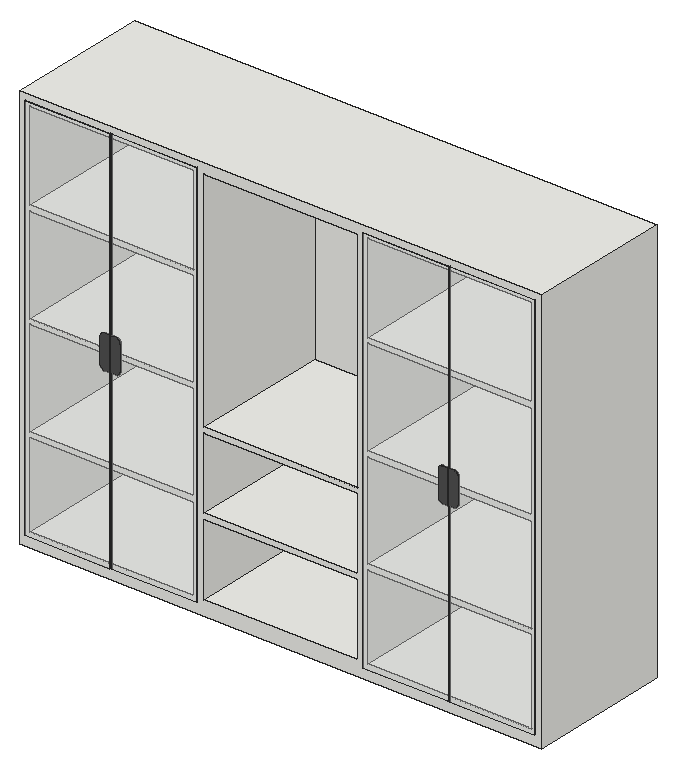
Revit family
Parameters (values of type "2743 x 2134 x 0762mm")
  Material = Laminate - Ivory, Matte
  Keynote = "N"
  Center Width = 813.00 mm
  Depth = 762.00 mm
  Height = 2134.00 mm
  Width = 2743.00 mm
  Assembly Code = ""
Types (2, lengths in mm): name | Depth | Height | Width
  1830 x 1830 x 0610mm | 610.00 | 1830.00 | 1830.00
  2743 x 2134 x 0762mm | 762.00 | 2134.00 | 2743.00
Reference planes
  plane 1: y = -406.4
  plane 2: z = 0
  plane 3: x = 0
  plane 4 "Back": y = -25.4
  plane 5 "Front": y = -787.4
  plane 6 "Right": x = 1371.5
  plane 7 "Left": x = -1371.5
  plane 8: z = 2134
  plane 9: x = -1320.7
  plane 10: x = -406.5
  plane 11: x = 406.5
  plane 12: x = 1320.7
  plane 13: x = -1371.5
  plane 14: x = 1371.5
  plane 15: z = 1600.5
  plane 16: z = 1067
  plane 17: z = 533.5
  plane 18: x = -431.9
  plane 19: x = 431.9
  plane 20: x = -889
  plane 21: x = 889
  plane 22: x = -1320.7
  plane 23: x = -457.3
  plane 24: x = 457.3
  plane 25: x = 1320.7
Forms (mm)
  Extrusion 1, solid, material "Laminate - Ivory, Matte" <- "Material"
    sketch origin (0, 0, 0) x (1, 0, 0) y (0, 0, 1)
      loop
        line (-1371.5, 0) -> (1371.5, 0) -> (1371.5, 2134) -> (-1371.5, 2134) -> (-1371.5, 0)
      loop
        line (-1320.7, 2083.2) -> (-1320.7, 1613.2) -> (-457.3, 1613.2) -> (-457.3, 2083.2) -> (-1320.7, 2083.2)
      loop
        line (-1320.7, 76.2) -> (-457.3, 76.2) -> (-457.3, 520.8) -> (-1320.7, 520.8) -> (-1320.7, 76.2)
      loop
        line (1320.7, 2083.2) -> (457.3, 2083.2) -> (457.3, 1613.2) -> (1320.7, 1613.2) -> (1320.7, 2083.2)
      loop
        line (-406.5, 2083.2) -> (-406.5, 889.2) -> (406.5, 889.2) -> (406.5, 2083.2) -> (-406.5, 2083.2)
      loop
        line (-406.5, 76.2) -> (406.5, 76.2) -> (406.5, 457.3) -> (-406.5, 457.3) -> (-406.5, 76.2)
      loop
        line (457.3, 76.2) -> (1320.7, 76.2) -> (1320.7, 520.8) -> (457.3, 520.8) -> (457.3, 76.2)
      loop
        line (-457.3, 546.2) -> (-457.3, 1054.3) -> (-1320.7, 1054.3) -> (-1320.7, 546.2) -> (-457.3, 546.2)
      loop
        line (-1320.7, 1587.8) -> (-1320.7, 1079.7) -> (-457.3, 1079.7) -> (-457.3, 1587.8) -> (-1320.7, 1587.8)
      loop
        line (1320.7, 1587.8) -> (457.3, 1587.8) -> (457.3, 1079.7) -> (1320.7, 1079.7) -> (1320.7, 1587.8)
      loop
        line (1320.7, 1054.3) -> (457.3, 1054.3) -> (457.3, 546.2) -> (1320.7, 546.2) -> (1320.7, 1054.3)
      loop
        line (-406.5, 482.7) -> (406.5, 482.7) -> (406.5, 863.8) -> (-406.5, 863.8) -> (-406.5, 482.7)
    from 25.4 to 781.05
  Extrusion 2, solid, material "Laminate - Ivory, Matte" <- "Material"
    sketch origin (0, -25.4, 0) x (-1, 0, 0) y (0, 0, 1)
      loop
        line (1320.7, 2083.2) -> (-1320.7, 2083.2) -> (-1320.7, 76.2) -> (1320.7, 76.2) -> (1320.7, 2083.2)
    from 0 to -25.4
  Extrusion 3, solid, material "Glass - Clear, Grey"
    sketch origin (0, -787.4, 0) x (-1, 0, 0) y (0, 0, 1)
      loop
        line (1339.75, 2102.25) -> (892.175, 2102.25) -> (892.175, 50.8) -> (1339.75, 50.8) -> (1339.75, 2102.25)
      loop
        line (438.25, 50.8) -> (885.825, 50.8) -> (885.825, 2102.25) -> (438.25, 2102.25) -> (438.25, 50.8)
      loop
        line (-1339.75, 2102.25) -> (-1339.75, 50.8) -> (-892.175, 50.8) -> (-892.175, 2102.25) -> (-1339.75, 2102.25)
      loop
        line (-438.25, 50.8) -> (-438.25, 2102.25) -> (-885.825, 2102.25) -> (-885.825, 50.8) -> (-438.25, 50.8)
    from 0 to 6.35
  Extrusion 4, solid, material "Metal - Chrome"
    sketch origin (0, -787.4, 0) x (-1, 0, 0) y (0, 0, 1)
      loop
        line (885.825, 1155.9) -> (861.599, 1155.9)
        arc (861.599, 1155.9) -> (843.638, 1148.461) -> (836.199, 1130.5) r 25.4
        line (836.199, 1130.5) -> (836.199, 1003.5)
        arc (836.199, 1003.5) -> (843.638, 985.539) -> (861.599, 978.1) r 25.4
        line (861.599, 978.1) -> (885.825, 978.1) -> (885.825, 1155.9)
      loop
        line (892.175, 1155.9) -> (892.175, 978.1) -> (916.781, 978.1)
        arc (916.781, 978.1) -> (934.742, 985.539) -> (942.181, 1003.5) r 25.4
        line (942.181, 1003.5) -> (942.181, 1130.5)
        arc (942.181, 1130.5) -> (934.742, 1148.461) -> (916.781, 1155.9) r 25.4
        line (916.781, 1155.9) -> (892.175, 1155.9)
      loop
        line (-885.825, 1155.9) -> (-885.825, 978.1) -> (-861.599, 978.1)
        arc (-861.599, 978.1) -> (-843.638, 985.539) -> (-836.199, 1003.5) r 25.4
        line (-836.199, 1003.5) -> (-836.199, 1130.5)
        arc (-836.199, 1130.5) -> (-843.638, 1148.461) -> (-861.599, 1155.9) r 25.4
        line (-861.599, 1155.9) -> (-885.825, 1155.9)
      loop
        line (-892.175, 1155.9) -> (-916.781, 1155.9)
        arc (-916.781, 1155.9) -> (-934.742, 1148.461) -> (-942.181, 1130.5) r 25.4
        line (-942.181, 1130.5) -> (-942.181, 1003.5)
        arc (-942.181, 1003.5) -> (-934.742, 985.539) -> (-916.781, 978.1) r 25.4
        line (-916.781, 978.1) -> (-892.175, 978.1) -> (-892.175, 1155.9)
    from 0 to -3.175
Lines and regions (mm)
  Masking region 1
    outline origin (0, 0, 0) x (1, 0, 0) y (0, 1, 0)
      loop
        line (-1371.5, -25.4) -> (-1371.5, -787.4) -> (1371.5, -787.4) -> (1371.5, -25.4) -> (-1371.5, -25.4)
  symbolic lines, style "Furniture"
    curve 1: line (-1371.5, -787.4, 0) -> (1371.5, -787.4, 0)
    curve 2: line (-1371.5, -25.4, 0) -> (-1371.5, -787.4, 0)
    curve 3: line (1371.5, -25.4, 0) -> (-1371.5, -25.4, 0)
    curve 4: line (1371.5, -787.4, 0) -> (1371.5, -25.4, 0)
Dimensions and locks
  locked: plane 13 to plane 9 at 50.8
  locked: plane 12 to plane 14 at 50.8
  plane 8 to Extrusion 1 sketch curve = 50.80 mm
  Extrusion 1 sketch curve to plane 2 = 76.20 mm
  Extrusion 1 sketch curve to Extrusion 1 sketch curve = 25.40 mm  (x2)
  "Width": plane 7 "Left" to plane 6 "Right"
  equal spacing: plane 7 "Left", plane 3, plane 6 "Right"
  equal spacing: plane 4 "Back", plane 1, plane 5 "Front"
  "Depth": plane 4 "Back" to plane 5 "Front"
  equal spacing: plane 8, plane 15, plane 16, plane 17, plane 2
  locked: Extrusion 1 sketch curve to plane 15 at 12.7
  locked: plane 15 to Extrusion 1 sketch curve at 12.7
  locked: Extrusion 1 sketch curve to plane 16 at 12.7
  locked: plane 16 to Extrusion 1 sketch curve at 12.7
  locked: Extrusion 1 sketch curve to plane 17 at 12.7
  locked: plane 17 to Extrusion 1 sketch curve at 12.7
  "Height": plane 8 to plane 2
  "Center Width": plane 10 to plane 11
  equal spacing: plane 10, plane 3, plane 11
  locked: plane 18 to plane 10 at 25.4
  locked: plane 11 to plane 19 at 25.4
  locked: plane 7 "Left" to plane 22 at 50.8
  locked: plane 23 to plane 18 at 25.4
  locked: plane 19 to plane 24 at 25.4
  locked: plane 25 to plane 6 "Right" at 50.8
  equal spacing: plane 22, plane 20, plane 23
  equal spacing: plane 24, plane 21, plane 25
  aligned and locked: Extrusion 1 sketch curve to plane 13
  aligned and locked: Extrusion 1 sketch curve to plane 14
  aligned and locked: plane 13 to plane 7 "Left"
  aligned and locked: Extrusion 1 sketch curve to Extrusion 1 sketch curve  (x2)
  aligned and locked: plane 14 to plane 6 "Right"
  aligned and locked: plane 4 "Back" to Extrusion 1
  aligned and locked: Extrusion 1 to Extrusion 3
  aligned and locked: Extrusion 4 sketch curve to Extrusion 3  (x2)
  aligned and locked: Extrusion 3 to Extrusion 4 sketch curve  (x2)
  aligned: Masking region 1 sketch curve to curve 2
  aligned: Masking region 1 sketch curve to Extrusion 1
  aligned: curve 1 to Masking region 1 sketch curve
  aligned: Masking region 1 sketch curve to curve 4
Automatic sketch dimensions
  Extrusion 1 sketch curve to plane 9 = 0.00 mm  (x4)
  Extrusion 1 sketch curve to plane 10 = 0.00 mm  (x3)
  Extrusion 1 sketch curve to plane 11 = 0.00 mm  (x3)
  Extrusion 1 sketch curve to plane 12 = 0.00 mm  (x4)
  Extrusion 1 sketch curve to Extrusion 1 sketch curve = 50.80 mm  (x2)
  Extrusion 1 sketch curve to plane 11 = 50.80 mm
  Extrusion 1 sketch curve to plane 8 = 0.00 mm
  Extrusion 1 sketch curve to Extrusion 1 sketch curve = 0.00 mm  (x6)
  Extrusion 1 sketch curve to level = 0.00 mm
  level to Extrusion 1 sketch curve = 76.20 mm
  plane 8 to Extrusion 1 sketch curve = 50.80 mm
  Extrusion 1 sketch curve to Extrusion 1 sketch curve = 165.10 mm  (x2)
  Extrusion 1 sketch curve to Extrusion 1 sketch curve = 25.40 mm  (x2)
  Extrusion 1 sketch curve to Extrusion 1 sketch curve = 38.10 mm  (x2)
  curve 3 to plane 4 "Back" = 0.00 mm
  curve 3 to plane 7 "Left" = 0.00 mm
  curve 3 to plane 6 "Right" = 0.00 mm
  curve 1 to plane 5 "Front" = 0.00 mm
  Extrusion 2 sketch curve to plane 6 "Right" = 50.80 mm
  plane 7 "Left" to Extrusion 2 sketch curve = 50.80 mm
  level to Extrusion 2 sketch curve = 76.20 mm
  plane 8 to Extrusion 2 sketch curve = 50.80 mm
  plane 18 to Extrusion 1 sketch curve = 25.40 mm
  Extrusion 3 sketch curve to plane 6 "Right" = 31.75 mm
  Extrusion 3 sketch curve to plane 21 = 3.175 mm
  plane 21 to Extrusion 3 sketch curve = 3.175 mm
  Extrusion 3 sketch curve to plane 19 = 6.35 mm
  plane 18 to Extrusion 3 sketch curve = 6.35 mm
  Extrusion 3 sketch curve to plane 20 = 3.175 mm
  plane 20 to Extrusion 3 sketch curve = 3.175 mm
  plane 7 "Left" to Extrusion 3 sketch curve = 31.75 mm
  level to Extrusion 3 sketch curve = 50.80 mm  (x4)
  plane 8 to Extrusion 3 sketch curve = 31.75 mm  (x4)
  Extrusion 4 sketch curve to Extrusion 4 sketch curve = 24.606 mm  (x4)
  Extrusion 4 sketch curve to Extrusion 4 sketch curve = 25.40 mm  (x5)
  Extrusion 4 sketch curve to Extrusion 4 sketch curve = 24.226 mm  (x4)
  Extrusion 4 sketch curve to Extrusion 4 sketch curve = 49.626 mm
  plane 16 to Extrusion 4 sketch curve = 88.90 mm  (x2)
  Extrusion 4 sketch curve to Extrusion 4 sketch curve = 0.00 mm  (x2)
  Extrusion 4 sketch curve to plane 16 = 63.50 mm  (x2)
  Masking region 1 sketch curve to plane 5 "Front" = 0.00 mm
  Masking region 1 sketch curve to plane 7 "Left" = 0.00 mm
  Masking region 1 sketch curve to plane 6 "Right" = 0.00 mm
  Masking region 1 sketch curve to plane 4 "Back" = 0.00 mm
